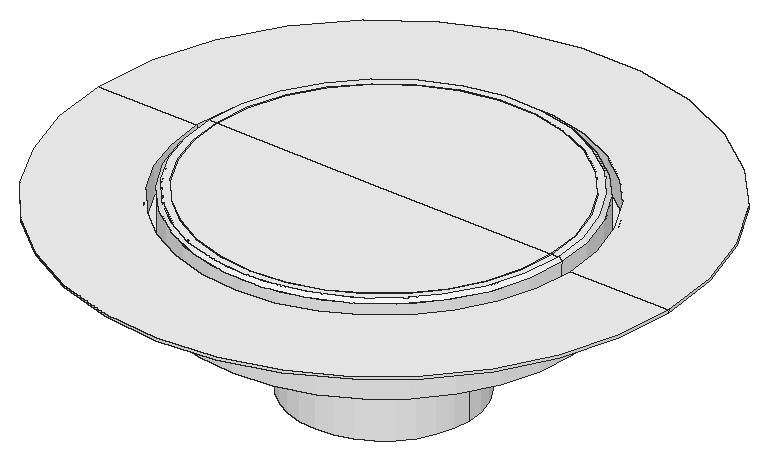
Revit family "Plumbing Fixture-FloorDrain_Mifab_C1230-WF", category Plumbing Fixtures, host Face, Revit 2013
Parameters (values of type "2"")
  WFU = 0
  URL = "WWW.MIFAB.COM"
  Top Assembly Height = 0.000"
  Strainer Radius = Stainer Diameter / 2  # 4.000"
  Stainer Diameter = 8.000"
  Pipe Radius = Pipe Diameter / 2  # 1.000"
  Pipe Diameter = 2.000"
  Model = "C1230-WF"
  Manufacturer = "MIFAB"
  Floor Drain Material = Paint - Sherwin Williams Paint - #952C2A - Bellwood Red
  Description = "FLOOR CLEANOUT FOR WOOD FLOOR INSTALLATIONS"
  Default Elevation = 0.000"
  Body Height = 2.500"
Types (4): name | Pipe Radius | Pipe Diameter
  (no name) | 1.000" | 2.000"
  3" | 1.500" | 3.000"
  2" | 1.000" | 2.000"
  4" | 2.000" | 4.000"
Reference planes (in)
  plane 1 "Center (Front/Back)": y = 0
  plane 2: z = 0
  plane 3 "Center (Left/Right)": x = 0
  plane 4: x = -4
  plane 5: x = 4
  plane 6: z = -2.5
  plane 7: x = -1
  plane 8: x = 1
  plane 9: z = 0
Forms (in)
  Revolve 1, solid, material "Paint - Sherwin Williams Paint - #952C2A - Bellwood Red" <- "Floor Drain Material"
    sketch origin (0, 0, 0) x (1, 0, 0) y (0, 0, 1)
      loop
        line (4, -0.15625) -> (4, -0.125) -> (2.62, -0.125) -> (2.62, -0.505) -> (1, -0.505) -> (1, -2.5) -> (1.2, -2.5) -> (1.2, -1.225) -> (2.6513, -1.15949) -> (2.6513, -0.15625) -> (4, -0.15625)
      axis (0, -2.5) -> (0, -0.125)
    angle from 0 to 360
  Revolve 2, solid, material "Paint - Sherwin Williams Paint - #952C2A - Bellwood Red" <- "Floor Drain Material"
    sketch origin (0, 0, 0) x (1, 0, 0) y (0, 0, 1)
      loop
        line (2.45, 0) -> (2.35, 0) -> (2.35, -0.15) -> (0.87, -0.15) -> (0.87, -0.505) -> (2.5, -0.505) -> (2.5, -0.05) -> (2.45, 0)
      axis (0, 0) -> (0, -0.505)
    angle from 0 to 360
  Revolve 3, solid, material "Paint - Sherwin Williams Paint - #952C2A - Bellwood Red" <- "Floor Drain Material"
    sketch origin (0, 0, 0) x (1, 0, 0) y (0, 0, 1)
      loop
        line (0, 0) -> (0, -0.15) -> (2.35, -0.15) -> (2.35, 0) -> (0, 0)
      axis (0, -0.15) -> (0, 0)
    angle from 0 to 360
Lines and regions (in)
  symbolic lines
    curve 1: circle (0, 0, 0) r 4 normal (0, 0, 1)
Dimensions and locks (in)
  equal spacing: plane 5, plane 3 "Center (Left/Right)", plane 4
  "Stainer Diameter": plane 5 to plane 4
  "Body Height": plane 9 to plane 6
  equal spacing: plane 8, plane 3 "Center (Left/Right)", plane 7
  "Pipe Diameter": plane 8 to plane 7
  "Top Assembly Height": host face to plane 9
  locked: Revolve 1 sketch curve to plane 5 at 1.3487
  locked: plane 5 to Revolve 1 sketch curve at 1.38
  locked: Revolve 1 sketch curve to Revolve 1 sketch curve at 0.2
  locked: plane 5 to Revolve 2 sketch curve at 1.5
  "Strainer Radius": radius of curve 1
  aligned and locked: plane 2 to host face
  aligned and locked: level to host face
  aligned and locked: plane 1 "Center (Front/Back)" to curve 1
  aligned and locked: plane 3 "Center (Left/Right)" to curve 1
  aligned and locked: plane 6 to Revolve 1 sketch curve  (x2)
  aligned and locked: Revolve 1 sketch curve to plane 8
  aligned and locked: plane 5 to Revolve 1 sketch curve
  aligned and locked: Revolve 3 sketch curve to Revolve 2  (x3)
  aligned and locked: plane 3 "Center (Left/Right)" to Revolve 3 sketch curve
Automatic sketch dimensions
  host sketch curve to host sketch curve = 96.000"  (x2)
  Revolve 1 sketch curve to level = 1.225"
  Revolve 1 sketch curve to plane 3 "Center (Left/Right)" = 0.000"
  Revolve 1 sketch curve to level = 0.000"
  Revolve 1 sketch curve to level = 0.125"
  Revolve 1 sketch curve to Revolve 1 sketch curve = 0.06551"
  Revolve 1 sketch curve to level = 0.505"
  Revolve 1 sketch curve to Revolve 1 sketch curve = 0.03125"
  Revolve 2 sketch curve to level = 0.505"
  Revolve 2 sketch curve to plane 3 "Center (Left/Right)" = 0.000"
  Revolve 2 sketch curve to plane 6 = 0.000"
  Revolve 2 sketch curve to level = 0.000"
  Revolve 2 sketch curve to Revolve 2 sketch curve = 0.100"  (x2)
  Revolve 2 sketch curve to Revolve 2 sketch curve = 0.150"
  Revolve 2 sketch curve to Revolve 2 sketch curve = 0.355"
  Revolve 2 sketch curve to Revolve 2 sketch curve = 0.050"
  plane 8 to Revolve 2 sketch curve = 0.130"
  Revolve 3 sketch curve to plane 3 "Center (Left/Right)" = 0.000"
  Revolve 3 sketch curve to Revolve 3 sketch curve = 1.075"
  Revolve 3 sketch curve to Revolve 3 sketch curve = 0.18866"
  plane 1 "Center (Front/Back)" to curve 1 = 0.000"
  curve 1 to plane 3 "Center (Left/Right)" = 0.000"
Connectors (in)
  piping at (0, 0, -2.5), driven by "Pipe Radius"
    settings: on Revolve 1, index 1, connector radius 1", flow factor 0, pipe flow 0 GPM, pressure drop 0.00 psi, fitting loss kfactor 0, connector angle 0.00°, fixture units 0, engagement length 0.000", flow configuration 0, flow direction 0, fitting loss method 0, system type 7, joint type 0, gender type 0, connector reference index -1, connector utility 0, adjustable connector no, is connector primary yes, fitting loss table "", connector description ""
